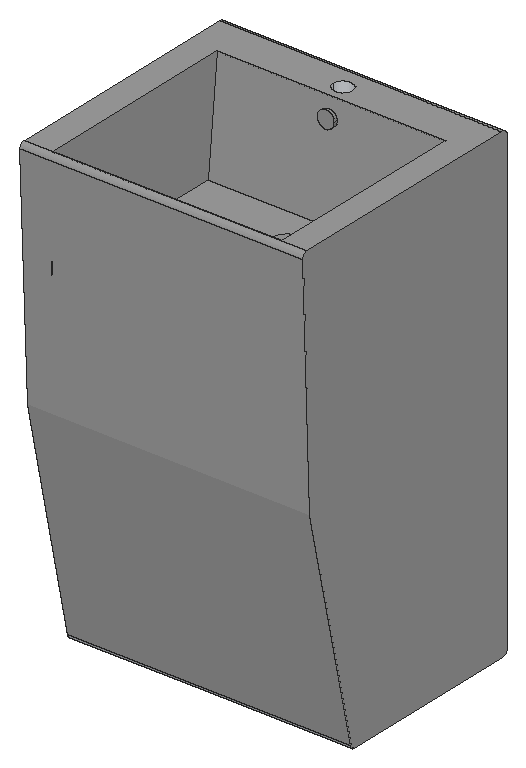
Revit family "L.GAMMA", category Plumbing Fixtures, Revit 2019
Family settings
  Round Connector Dimension = Use Diameter
  Part Type = Normal
  OmniClass Number = 23.45.00.00
  OmniClass Title = Sanitary, Laundry, and Cleaning Equipment
  Work Plane-Based = No
  Always vertical = Yes
  Cut with Voids When Loaded = No
  Shared = No
  Room Calculation Point = No
Reference planes
  plane 1 "Center (Front/Back)": y = 0
  plane 2: z = 0
  plane 3 "Center (Left/Right)": x = 0
Forms (mm)
  Extrusion 1, solid
    sketch origin (0, 0, 0) x (0, 1, 0) y (0, 0, 1)
      loop
        line (0, 10) -> (0, 840)
        arc (0, 840) -> (-2.929, 847.071) -> (-10, 850) r 10
        line (-10, 850) -> (-450.5, 850)
        arc (-450.5, 850) -> (-457.395, 847.243) -> (-460.488, 840.493) r 10
        arc (-460.488, 840.493) -> (-443.645, 418.889) -> (-352.227, 6.972) r 2367.406
        arc (-352.227, 6.972) -> (-348.601, 1.929) -> (-342.696, 0) r 10
        line (-342.696, 0) -> (-10, 0)
        arc (-10, 0) -> (-2.929, 2.929) -> (0, 10) r 10
    from 0 to 510
  Extrusion 2, void
    sketch origin (0, 0, 0) x (0, 1, 0) y (0, 0, 1)
      loop
        arc (-449.986, 850) -> (-453.213, 750.572) -> (-452.243, 651.096) r 2357.406
        line (-452.243, 651.096) -> (-100.906, 651.096) -> (-80, 850) -> (-449.986, 850)
    from 51.287 to 463.478
  Extrusion 3, void
    sketch origin (0, 0, 0) x (1, 0, 0) y (0, 1, 0)
      loop
        circle (255, -50.453) r 17.5
    from 0 to 850
  Extrusion 4, solid
    sketch origin (0, 0, 0) x (1, 0, 0) y (0, 1, 0)
      loop
        circle (255, -175.453) r 25
    from 651.096 to 653.52
  Extrusion 5, solid
    sketch origin (0, 0, 0) x (1, 0, 0) y (0, 0, 1)
      loop
        circle (255, 815) r 15
    from 80 to 89.422
Cuts and joins
  Extrusion 2, Extrusion 3 cuts Extrusion 1
Dimensions and locks
  aligned and locked: level to plane 2
